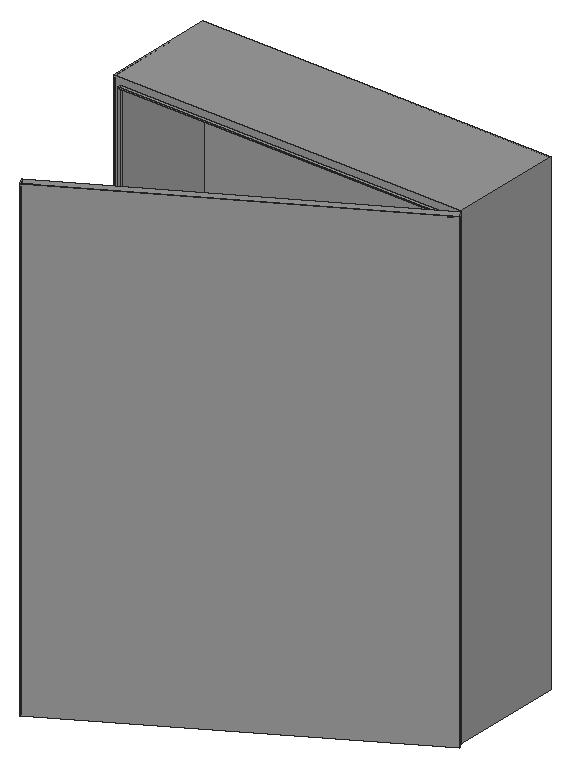
Revit family "Hager-Univers-IP55-D275-H1100-Cl.II-Steel_encl-NoHosted-BE-fr", category Electrical Equipment, Revit 2020
Family settings
  Panel Configuration = Two Columns, Circuits Across
  Round Connector Dimension = Use Diameter
  Part Type = Panelboard
  Work Plane-Based = Yes
  Always vertical = Yes
  Cut with Voids When Loaded = No
  Shared = No
  Room Calculation Point = No
Parameters (values of type "saillie IP55 L800 H1100 P275  - FR73S")
  Width Control [instance] = if([EF000008 - largeur] > Min Width, [EF000008 - largeur], Min Width)  # 800 mm
  Type Comments = [HG000003 - Gamme]  # "Univers"
  Thickness Door [instance] = if([EF009171 - épaisseur de matériau de la porte/du couvercle] > 3 mm, 3 mm, [EF009171 - épaisseur de matériau de la porte/du couvercle])  # 1.5 mm
  Seal Frame Offset [instance] = 17 mm  # constant formula
  Plinth Visibility [instance] = [HG000027 - Hauteur du socle] > 0 mm  # no
  Min Width [instance] = 100 mm  # constant formula
  Min Depth [instance] = (2 * [EF009170 - épaisseur de matériau du boîtier]) + 1 mm  # 4 mm
  Min Height [instance] = 100 mm  # constant formula
  Internal Frame Depth [instance] = (Door System Depth * 0.5)  # 9 mm
  Panel Name [instance] = ""  # (empty or 0)
  Model = ""
  HG000027 - Hauteur du socle = 0 mm
  HG000026 - Installation au sol = no
  HG000024 - Hauteur de la section basse = 600 mm
  HG000023 - Armoire double section = no
  HG000016 - Visibilité de la porte 3D [instance] = yes
  HG000015 - Visibilité de l'emprise de la porte [instance] = no
  HG000014 - Porte à droite [instance] = yes
  HG000013 - Porte à gauche [instance] = not([HG000014 - Porte à droite])  # no
  HG000012 - Angle de pivotement de la porte [instance] = 30.00°
  HG000010 - Portes asymétriques = no
  HG000009 - Porte à double battant = no
  HG000006 - Encastré = no
  HG000004 - Référence fabricant = "FR73S"
  HG000003 - Gamme = "Univers"
  HG000002 - avec porte = yes
  Frame Offset Bottom [instance] = 10 mm  # constant formula
  Frame Offset [instance] = 15 mm  # constant formula
  EF015940 - couvercle avec décharge de pression = no
  EF011959 - degré de protection (NEMA) = ""
  EF009554 - nombre d'ouvertures pour plaques à bride = 6
  EF009212 - finition du couvercle = "EV000116 - fermé"
  EF009171 - épaisseur de matériau de la porte/du couvercle = 1.5 mm
  EF009170 - épaisseur de matériau du boîtier = 1.5 mm
  EF008873 - courant nominal (In) = 800 A
  EF007800 - adapté à un parafoudre = no
  EF006306 - avec serrure = no
  EF006244 - couvercle/porte transparent(e) = no
  EF005474 - indice de protection (IP) = "EV006420 - IP55"
  EF004464 - type de porte = "EV002646 - unique"
  EF004427 - nombre de modules = 252
  EF004293 - indice de protection contre les chocs (IK) = "EV008784 - IK10"
  EF003532 - convient pour utilisation à l’extérieur = no
  EF002950 - largeur en nombre de modules = 24
  EF001613 - maintien de fonction = "EV000494 - sans"
  EF001596 - matériau du boîtier/corps = "EV000179 - acier"
  EF001131 - profondeur intérieure = 275 mm
  EF001088 - possibilité de montage en saillie = yes
  EF000437 - nombre d'entrées de conduit = 6
  EF000339 - type de capot = "EV004216 - porte"
  EF000266 - nombre de rangées = 7
  EF000218 - profondeur d'encastrement = 0 mm
  EF000118 - avec cadre/support de montage = no
  EF000116 - numéro RAL = "7035"
  EF000049 - profondeur = 275 mm
  EF000040 - hauteur = 1100 mm
  EF000008 - largeur = 800 mm
  EF000007 - couleur = "EV000270 - gris"
  EF000003 - mode de pose = "EV000384 - saillie"
  Door System Leaf Tolerance [instance] = 1.5 mm  # constant formula
  Door System Depth [instance] = 18 mm  # constant formula
  Door Height [instance] = Height Control - [HG000027 - Hauteur du socle]  # 1100 mm
  Description = ""
  Default Elevation = 1219.2 mm
  Connector Offset [instance] = Height Control / 2  # 550 mm
  Manufacturer = "Hager"  # constant formula
  Height Control [instance] = if([EF000040 - hauteur] > Min Height, [EF000040 - hauteur], Min Height)  # 1100 mm
  Depth Control [instance] = if([EF000049 - profondeur] > Min Depth, [EF000049 - profondeur], Min Depth)  # 275 mm
  Bottom Top Plate Trim [instance] = 1.5 mm  # constant formula
  Plinth height Ctrl [instance] = if([HG000027 - Hauteur du socle] > 0 mm, [HG000027 - Hauteur du socle], 12 mm)  # 12 mm
Types (5, lengths in mm): name | Width Control | HG000010 - Portes asymétriques | HG000009 - Porte à double battant | HG000004 - Référence fabricant | EF009554 - nombre d'ouvertures pour plaques à bride | EF004464 - type de porte | EF004427 - nombre de modules | EF000437 - nombre d'entrées de conduit | EF000008 - largeur
  saillie IP55 L1050 H1100 P275  - FR74S | 1050 | no | yes | "FR74S" | 8 | "EV003602 - double" | 336 | 8 | 1050
  saillie IP55 L1300 H1100 P275  - FR75S | 1300 | yes | yes | "FR75S" | 10 | "EV003602 - double" | 420 | 10 | 1300
  saillie IP55 L300 H1100 P275  - FR71S | 300 | no | no | "FR71S" | 2 | "EV002646 - unique" | 84 | 2 | 300
  saillie IP55 L550 H1100 P275  - FR72S | 550 | no | no | "FR72S" | 4 | "EV002646 - unique" | 168 | 4 | 550
  saillie IP55 L800 H1100 P275  - FR73S | 800 | no | no | "FR73S" | 6 | "EV002646 - unique" | 252 | 6 | 800
Reference planes
  plane 1 "Center (Front/Back)": y = 0
  plane 2: z = 0
  plane 3 "Center (Left/Right)": x = 0
  plane 4: y = 0
  plane 5: y = 0
  plane 6: z = 0
  plane 7: x = -400
  plane 8: x = 400
  plane 9: x = 398.5
  plane 10: x = -398.5
  plane 11: z = 0
  plane 12: z = 1.5
  plane 13: y = -275
  plane 14: y = -1.5
  plane 15: x = 0
  plane 16: y = -257
  plane 17: y = -273.5
  plane 18: y = -255.5
  plane 19: x = -383.5
  plane 20: x = 383.5
  plane 21: z = 11.5
  plane 22: x = -383
  plane 23: x = 383
  plane 24: z = 0
  plane 25: z = 1100
  plane 26: z = 1100
  plane 27: z = 1083.5
  plane 28: z = 1098.5
Forms (mm)
  Extrusion 1, solid, material "Hager_Steel_RAL7035_Light_Grey", detail levels medium+fine
    sketch origin (-208.679, -4572, 0) x (-1, 0, 0) y (0, -1, 0)
      loop
        line (191.321, -4315) -> (-608.679, -4315) -> (-608.679, -4572) -> (191.321, -4572) -> (191.321, -4315)
    from 0 to 1100
  Extrusion 2, void
    sketch origin (-350.771, -275, 1219.2) x (1, 0, 0) y (0, 0, 1)
      loop
        line (-47.729, -120.7) -> (-47.729, -1217.7) -> (749.271, -1217.7) -> (749.271, -120.7) -> (-47.729, -120.7)
    from -19.5 to -273.5
  Extrusion 3, void
    sketch origin (-290.084, -257, 1219.2) x (1, 0, 0) y (0, 0, 1)
      loop
        line (-93.416, -1207.7) -> (673.584, -1207.7) -> (673.584, -135.7) -> (-93.416, -135.7) -> (-93.416, -1207.7)
    from 0 to -1.5
  Extrusion 4, solid, material "Hager_Steel_RAL7035_Light_Grey", visible <- "Plinth Visibility", detail levels medium+fine
    sketch origin (0, 0, 0) x (1, 0, 0) y (0, 1, 0)
      loop
        line (-400, 0) -> (-400, -257) -> (400, -257) -> (400, 0) -> (-400, 0)
    from 0 to 12 <- "Plinth height Ctrl"
  Extrusion 5, solid, material "Hager_Steel_RAL7035_Light_Grey", detail levels coarse
    sketch origin (0, 0, 0) x (1, 0, 0) y (0, 1, 0)
      loop
        line (-400, 0) -> (-400, -275) -> (400, -275) -> (400, 0) -> (-400, 0)
    from 0 to 1100 <- "Height Control"
  Sweep 6, void
    path in 3D
      loop
        line (-400, -257, 12) -> (400, -257, 12) -> (400, 0, 12) -> (-400, 0, 12) -> (-400, -257, 12)
    profile origin (-400, -128.5, 12) x (1, 0, 0) y (0, 0, 1)
      loop
        line (0, 0) -> (0, -1.5) -> (1.5, -1.5)
        arc (1.5, -1.5) -> (1.061, -0.439) -> (0, 0) r 1.5
  Extrusion 7, solid, material "Hager_Steel_RAL7035_Light_Grey", detail levels fine
    sketch origin (-400, -257, 0) x (1, 0, 0) y (0, 0, 1)
      loop
        line (16.5, 11.5) -> (783.5, 11.5) -> (783.5, 1083.5) -> (16.5, 1083.5) -> (16.5, 11.5)
      loop
        line (15, 10) -> (785, 10) -> (785, 1085) -> (15, 1085) -> (15, 10)
    from 0 to 9 <- "Internal Frame Depth"
Cuts and joins
  Extrusion 2, Extrusion 3 cuts Extrusion 1
  Sweep 6 cuts Extrusion 4
Lines and regions (mm)
  Masking region 1
    outline origin (0, 0, 0) x (1, 0, 0) y (0, 1, 0)
      loop
        line (-400, 0) -> (-400, -275) -> (400, -275) -> (400, 0) -> (-400, 0)
  Masking region 2, detail levels coarse
    outline origin (-290.084, -257, 1219.2) x (-1, 0, 0) y (0, 0, 1)
      loop
        line (-690.084, -1219.2) -> (109.916, -1219.2) -> (109.916, -119.2) -> (-690.084, -119.2) -> (-690.084, -1219.2)
  Masking region 3, detail levels coarse
    outline origin (0, 0, 0) x (0, 1, 0) y (0, 0, 1)
      loop
        line (0, 0) -> (0, 1100) -> (-275, 1100) -> (-275, 0) -> (0, 0)
  Masking region 4, visible <- "Plinth Visibility", detail levels medium+fine
    outline origin (0, 0, 0) x (0, 1, 0) y (0, 0, 1)
      loop
        line (-1.5, 12) -> (-255.5, 12)
        arc (-255.5, 12) -> (-255.939, 10.939) -> (-257, 10.5) r 1.5
        line (-257, 10.5) -> (-257, 0) -> (0, 0) -> (0, 10.5)
        arc (0, 10.5) -> (-1.061, 10.939) -> (-1.5, 12) r 1.5
  Masking region 5, detail levels medium+fine
    outline origin (0, 0, 594.038) x (0, 1, 0) y (0, 0, 1)
      loop
        line (0, -594.038) -> (0, 505.962) -> (-257, 505.962) -> (-257, -594.038) -> (0, -594.038)
  Masking region 6, detail levels medium+fine
    outline origin (-359.7, -257, 1211.883) x (-1, 0, 0) y (0, 0, 1)
      loop
        line (-759.7, -1211.883) -> (40.3, -1211.883) -> (40.3, -111.883) -> (-759.7, -111.883) -> (-759.7, -1211.883)
  Masking region 7, visible <- "Plinth Visibility", detail levels medium+fine
    outline origin (-320.334, -257, 1041.368) x (-1, 0, 0) y (0, 0, 1)
      loop
        line (-720.334, -1041.368) -> (79.666, -1041.368) -> (79.666, -1030.868)
        arc (79.666, -1030.868) -> (78.606, -1030.429) -> (78.166, -1029.368) r 1.5
        line (78.166, -1029.368) -> (-718.834, -1029.368)
        arc (-718.834, -1029.368) -> (-719.273, -1030.429) -> (-720.334, -1030.868) r 1.5
        line (-720.334, -1030.868) -> (-720.334, -1041.368)
  sketch lines
    curve 1: line (-400, 0, 12) -> (-400, -257, 12)
    curve 2: line (-400, -257, 12) -> (400, -257, 12)
    curve 3: line (400, 0, 12) -> (-400, 0, 12)
    curve 4: line (400, -257, 12) -> (400, 0, 12)
Dimensions and locks
  locked: plane 1 "Center (Front/Back)" to plane 5
  "EF009170 - épaisseur de matériau du boîtier": plane 7 to plane 10
  "EF009170 - épaisseur de matériau du boîtier": plane 8 to plane 9
  equal spacing: plane 7, plane 3 "Center (Left/Right)", plane 8
  "Width Control": plane 7 to plane 8
  "Depth Control": plane 4 to plane 13
  "EF009170 - épaisseur de matériau du boîtier": plane 4 to plane 14
  "Height Control": plane 25 to level
  "HG000027 - Hauteur du socle": plane 11 to level
  "EF009170 - épaisseur de matériau du boîtier": plane 12 to plane 11
  "EF009170 - épaisseur de matériau du boîtier": plane 17 to plane 13
  "EF009170 - épaisseur de matériau du boîtier": plane 18 to plane 16
  "Frame Offset Bottom": plane 21 to plane 12
  "Frame Offset": plane 10 to plane 19
  "Frame Offset": plane 9 to plane 20
  "Door System Depth": plane 16 to plane 13
  "Seal Frame Offset": plane 7 to plane 22
  "Seal Frame Offset": plane 8 to plane 23
  "EF009170 - épaisseur de matériau du boîtier": plane 26 to plane 28
  "Frame Offset": plane 28 to plane 27
  "Connector Offset": plane 2 to connector elem
  "Bottom Top Plate Trim": profile plane to Sweep 6 sketch curve
  "Bottom Top Plate Trim": Sweep 6 sketch curve to Sweep 6 sketch curve
  "Plinth height Ctrl": Masking region 4 sketch curve to level
  "Plinth height Ctrl": Masking region 7 sketch curve to level
  "Thickness Door": Extrusion 7 sketch curve to Extrusion 7 sketch curve  (x4)
  "Bottom Top Plate Trim": radius of Sweep 6 sketch curve
  "Bottom Top Plate Trim": radius of Masking region 4 sketch curve  (x2)
  "Bottom Top Plate Trim": radius of Masking region 7 sketch curve  (x2)
  aligned and locked: Extrusion 2 sketch curve to plane 12
  aligned and locked: Extrusion 2 sketch curve to plane 9
  aligned and locked: Extrusion 2 sketch curve to plane 10
  aligned and locked: Extrusion 2 to plane 14
  aligned and locked: Extrusion 1 sketch curve to plane 4
  aligned and locked: plane 8 to Extrusion 1 sketch curve
  aligned and locked: plane 7 to Extrusion 1 sketch curve
  aligned and locked: Extrusion 2 to plane 18
  aligned and locked: Extrusion 3 sketch curve to plane 19
  aligned and locked: plane 20 to Extrusion 3 sketch curve
  aligned and locked: Extrusion 3 to Extrusion 2
  aligned and locked: Extrusion 3 sketch curve to plane 21
  aligned and locked: plane 3 "Center (Left/Right)" to nested 1
  aligned and locked: Extrusion 1 sketch curve to plane 16
  aligned and locked: Extrusion 4 sketch curve to cut or joined group of Extrusion 1, Extrusion 2, Extrusion 3
  aligned and locked: Masking region 1 sketch curve to plane 7
  aligned and locked: Masking region 1 sketch curve to plane 5
  aligned and locked: Masking region 1 sketch curve to plane 8
  aligned and locked: Masking region 2 sketch curve to level
  aligned and locked: level to Masking region 3 sketch curve
  aligned and locked: plane 1 "Center (Front/Back)" to Masking region 3 sketch curve
  aligned and locked: plane 13 to Masking region 3 sketch curve
  aligned and locked: plane 5 to Masking region 4 sketch curve
  aligned and locked: Masking region 2 sketch curve to plane 8
  aligned and locked: Masking region 2 sketch curve to plane 7
  aligned and locked: plane 7 to nested 2
  aligned and locked: nested 2 to plane 5
  aligned and locked: plane 5 to Masking region 5 sketch curve
  aligned and locked: plane 26 to Masking region 5 sketch curve
  aligned and locked: Extrusion 5 sketch curve to plane 8
  aligned and locked: Extrusion 5 sketch curve to plane 7
  aligned and locked: Extrusion 5 sketch curve to plane 5
  aligned and locked: Extrusion 3 sketch curve to plane 27
  aligned and locked: Extrusion 2 sketch curve to plane 28
  aligned and locked: Masking region 2 to plane 25
  aligned and locked: Extrusion 4 to plane 16
  aligned and locked: profile plane to Sweep 6 sketch curve
  aligned and locked: Masking region 5 sketch curve to plane 24
  aligned and locked: level to Masking region 4 sketch curve
  aligned and locked: Masking region 1 to plane 13
  aligned and locked: nested 1 to plane 16
  aligned and locked: Masking region 3 to plane 25
  aligned and locked: plane 16 to Masking region 4 sketch curve
  aligned and locked: Masking region 5 sketch curve to plane 16
  aligned and locked: plane 24 to plane 11
  aligned and locked: plane 26 to plane 25
  aligned and locked: plane 26 to cut or joined group of Extrusion 1, Extrusion 2, Extrusion 3
  aligned and locked: nested 1 to plane 24
  aligned and locked: Extrusion 1 to Extrusion 3
  aligned and locked: Masking region 6 sketch curve to plane 8
  aligned and locked: Masking region 6 sketch curve to plane 24
  aligned and locked: Masking region 6 sketch curve to plane 7
  aligned and locked: Masking region 6 sketch curve to plane 26
  aligned and locked: Masking region 7 sketch curve to plane 7
  aligned and locked: level to Masking region 7 sketch curve
  aligned and locked: Masking region 7 sketch curve to plane 8
  aligned and locked: Extrusion 7 sketch curve to cut or joined group of Extrusion 1, Extrusion 2, Extrusion 3  (x4)
Automatic sketch dimensions
  plane 19 to Extrusion 3 sketch curve = 0 mm
  Extrusion 3 sketch curve to plane 20 = 0 mm
  Extrusion 3 sketch curve to plane 21 = 0 mm
  Extrusion 4 sketch curve to plane 7 = 0 mm
  Extrusion 4 sketch curve to plane 8 = 0 mm
  Extrusion 4 sketch curve to plane 16 = 0 mm
  Masking region 1 sketch curve to plane 13 = 0 mm
  Masking region 2 sketch curve to plane 25 = 0 mm
  Masking region 3 sketch curve to plane 25 = 0 mm
  Extrusion 5 sketch curve to plane 13 = 0 mm
  profile plane to Sweep 6 sketch curve = 0 mm
Nested families
  nested 1: "EC000058_Univers_Door" at (0, -257, 0), Double <- "HG000009 - Porte à double battant", Transparent <- "EF006244 - couvercle/porte transparent(e)", Angle <- "HG000012 - Angle de pivotement de la porte", Door_Right <- "HG000014 - Porte à droite", Assymetrical <- "HG000010 - Portes asymétriques", Door <- "HG000002 - avec porte", Width_Ctrl <- "Width Control", 3d_Door <- "HG000016 - Visibilité de la porte 3D", Clearance <- "HG000015 - Visibilité de l'emprise de la porte", Door_Left <- "HG000013 - Porte à gauche", Width <- "Width Control", Door_Depth <- "Door System Depth", Leaf_Tolerance <- "Door System Leaf Tolerance", Height <- "Door Height", Lock_Visibility <- "EF006306 - avec serrure", Thickness <- "Thickness Door", type "EC000058_Univers_Door", detail levels medium+fine
    with min_wh 4 mm, Width_Ctrl 800 mm, Width 800 mm, Transparent no, Thickness 1.5 mm, Seal_Material Hager_Rubber, Lock_Visibility no, Lock_Material Hager_Plastic_RAL9005_Jet_Black, Leaf_Width 800 mm, Leaf_Tolerance_External_Sides 0 mm, Leaf_Tolerance 1.5 mm, Leaf_Offset 0 mm, Leaf_Height 1097 mm, Leaf_2_Width 800 mm, Leaf_2_Offset 400 mm, Leaf_1_Width 800 mm, Leaf_1_Offset 400 mm, Height_Ctrl 1100 mm, Height 1100 mm, Glass_Material Hager_Glass, Double_Clearance_Ctrl no, Double no, Door_Right_Ctrl yes, Door_Right yes, Door_Material Hager_Steel_RAL7035_Light_Grey, Door_Left_Ctrl no, Door_Left no, Door_Depth 18 mm, Door yes, Clearance_Material Hager_Clearance, Clearance_Depth 800 mm, Clearance_Ctrl no, Clearance no, Assymetrical no, Angle 30.00°, 3d_Door yes
  nested 2: "Hager_Enclosure_Symbol" at (-400, 0, 0), Height <- "Depth Control", Width <- "Width Control", type "Hager_Enclosure_Symbol"
    with Width_Ctrl 800 mm, Width 800 mm, Height_Ctrl 275 mm, Height 275 mm, A_Width_Int 18.047 mm, A_Width 216.562 mm, A_Height_Ctrl 240.625 mm, A_Height 240.625 mm
Connectors
  electrical at (0, 0, 550)
    settings: on plane 1 "Center (Front/Back)", index 1, voltage 0 V, apparent load 0 VA, apparent load phase1 0 VA, apparent load phase2 0 VA, apparent load phase3 0 VA, power factor 1, load classification "Other", number of poles 1, system type 30, power factor state 1, is connector primary yes, connector utility no, sub classification motor no, connector description ""
Definition of nested family "EC000058_Univers_Door"
  Parameters (values of type "EC000058_Univers_Door")
    min_wh [instance] = (2 * Thickness) + 1 mm  # 11 mm
    Width_Ctrl [instance] = 400 mm
    Width [instance] = 500 mm
    Transparent [instance] = yes
    Thickness [instance] = 5 mm
    Seal_Material [instance] = none
    Lock_Visibility [instance] = yes
    Lock_Material [instance] = none
    Leaf_Width [instance] = if((Width_Ctrl - 2 * Leaf_Tolerance_External_Sides) > 0 mm, (Width_Ctrl - 2 * Leaf_Tolerance_External_Sides), min_wh)  # 400 mm
    Leaf_Tolerance_External_Sides [instance] = 0 mm  # constant formula
    Leaf_Tolerance [instance] = 1.5 mm
    Leaf_Offset [instance] = 0 mm  # constant formula
    Leaf_Height [instance] = if((Height_Ctrl - 2 * Leaf_Tolerance) > 0 mm, (Height_Ctrl - 2 * Leaf_Tolerance), min_wh)  # 497 mm
    Leaf_2_Width [instance] = if(and(and(Double, Assymetrical), Door_Left), (Leaf_Width / 3) - (Leaf_Tolerance / 2), if(and(and(Double, Assymetrical), Door_Right), (Leaf_Width / 3) * 2 - (Leaf_Tolerance / 2), if(and(Double, not(Assymetrical)), (Leaf_Width / 2) - Leaf_Tolerance, Leaf_Width)))  # 400 mm
    Leaf_2_Offset [instance] = if(and(Double, Assymetrical), Leaf_2_Width / 2, if(and(Double, not(Assymetrical)), Leaf_Width / 4, Leaf_Width / 2))  # 200 mm
    Leaf_1_Width [instance] = if(and(and(Double, Assymetrical), Door_Right), (Leaf_Width / 3) - (Leaf_Tolerance / 2), if(and(and(Double, Assymetrical), Door_Left), (Width / 3) * 2 - (Leaf_Tolerance / 2), if(and(Double, not(Assymetrical)), (Leaf_Width / 2) - Leaf_Tolerance, Leaf_Width)))  # 400 mm
    Leaf_1_Offset [instance] = if(and(Double, Assymetrical), Leaf_1_Width / 2, if(and(Double, not(Assymetrical)), Leaf_Width / 4, Leaf_Width / 2))  # 200 mm
    Height_Ctrl [instance] = if(Height > min_wh, Height, min_wh)  # 500 mm
    Height [instance] = 500 mm
    Glass_Material [instance] = none
    Double_Clearance_Ctrl [instance] = and(Double, Clearance)  # no
    Double [instance] = no
    Door_Right_Ctrl [instance] = and(or(Door_Right, Double), Door)  # yes
    Door_Right [instance] = yes
    Door_Material [instance] = none
    Door_Left_Ctrl [instance] = and(or(Door_Left, Double), Door)  # no
    Door_Left [instance] = no
    Door_Depth [instance] = 30 mm
    Door [instance] = yes
    Default Elevation = 1219.2 mm
    Clearance_Material [instance] = none
    Clearance_Depth [instance] = if(Leaf_1_Width > Leaf_2_Width, Leaf_1_Width, Leaf_2_Width)  # 400 mm
    Clearance_Ctrl [instance] = and(not(Double), Clearance)  # yes
    Clearance [instance] = yes
    Assymetrical [instance] = yes
    Angle [instance] = 30.00°
    3d_Door [instance] = yes
  Reference planes
    plane 1 "Center (Front/Back)": y = 0
    plane 2 "Bottom": z = 0
    plane 3 "Center (Left/Right)": x = 0
    plane 4: z = 500
    plane 5: x = -200
    plane 6: x = 200
    plane 7: z = 500
    plane 8: x = -200
    plane 9: z = 0
    plane 10: x = 200
    plane 11: y = 0
    plane 12: z = 1.5
    plane 13: x = -600
    plane 14: y = -400
    plane 15: x = 600
    plane 16: x = 0
    plane 17: x = 0
    plane 18: x = -200
    plane 19: x = 200
    plane 20: z = 498.5
  Forms (mm)
    Extrusion 1, solid, material <- "Clearance_Material", visible <- "Double_Clearance_Ctrl"
      sketch origin (1200, 0, 0) x (1, 0, 0) y (0, 0, -1)
        loop
          line (-1800, -498.5) -> (-600, -498.5) -> (-600, 0) -> (-1800, 0) -> (-1800, -498.5)
      from 0 to -400
  Dimensions and locks
    equal spacing: plane 5, plane 3 "Center (Left/Right)", plane 6
    "Width_Ctrl": plane 5 to plane 6
    "Leaf_Offset": plane 5 to plane 8
    "Leaf_Offset": plane 6 to plane 10
    "Leaf_Offset": plane 9 to level
    "Leaf_Offset": plane 4 to plane 7
    "Height_Ctrl": plane 4 to level
    "Leaf_Tolerance": plane 12 to plane 9
    locked: plane 11 to plane 1 "Center (Front/Back)"
    "Leaf_1_Offset": plane 18 to plane 16
    "Leaf_2_Offset": plane 17 to plane 19
    "Leaf_1_Width": plane 13 to plane 8
    "Leaf_2_Width": plane 10 to plane 15
    "Clearance_Depth": plane 14 to plane 1 "Center (Front/Back)"
    "Leaf_Tolerance_External_Sides": plane 8 to plane 18
    "Leaf_Tolerance_External_Sides": plane 19 to plane 10
    "Leaf_Tolerance": plane 7 to plane 20
    aligned and locked: level to plane 2 "Bottom"
    aligned and locked: nested 1 to plane 16
    aligned and locked: nested 2 to plane 17
    aligned and locked: Extrusion 1 to plane 13
    aligned and locked: plane 15 to Extrusion 1
    aligned and locked: Extrusion 1 to plane 14
    aligned and locked: plane 12 to nested 1
    aligned and locked: nested 2 to plane 12
    aligned and locked: Extrusion 1 to plane 11
    aligned and locked: plane 20 to Extrusion 1
    aligned and locked: nested 2 to plane 11
    aligned and locked: nested 1 to plane 11
  Automatic sketch dimensions
    Extrusion 1 sketch curve to level = 0 mm
    plane 5 to Extrusion 1 sketch curve = 400 mm
    plane 6 to Extrusion 1 sketch curve = 400 mm
    Extrusion 1 sketch curve to plane 4 = 1.5 mm
  Nested families
    nested 1: "EC000058_Univers_Door_Leaf" at (0, 0, 1.5), Width <- "Leaf_1_Width", visible <- "Door_Left_Ctrl", Leaf_Height <- "Leaf_Height", Angle <- "Angle", 3d_Door <- "3d_Door", Transparent <- "Transparent", Clearance Material <- "Clearance_Material", Clearance <- "Clearance_Ctrl", Door_Material <- "Door_Material", Glass_Material <- "Glass_Material", Door_Depth <- "Door_Depth", Lock_Material <- "Lock_Material", Seal_Material <- "Seal_Material", Lock_Visibility <- "Lock_Visibility", Thickness <- "Thickness", type "EC000058_Univers_Door_Leaf"
      with Width 400 mm, Transparent_Glass_Offset 30 mm, Transparent_Ctrl yes, Transparent yes, Thickness 5 mm, Standard no, Seal_Material none, Seal_D2 8 mm, Seal_D1 1 mm, Offset_Internal_Frame 10 mm, Lock_Width 20 mm, Lock_Visibility_3d yes, Lock_Visibility yes, Lock_Thickness_3 3 mm, Lock_Thickness_2 1 mm, Lock_Thickness_1 3 mm, Lock_Radius_Offset_2 16 mm, Lock_Radius_Offset_1 15 mm, Lock_Radius_2 5 mm, Lock_Radius 6 mm, Lock_Offset 5 mm, Lock_Material none, Lock_Height 80 mm, Lock_Cover_Top_Offset_2d 17 mm, Lock_Cover_Height -65 mm, Leaf_Height 497 mm, Internal_Seal_Thickness 8 mm, Internal_Seal_Depth_2 4.5 mm, Internal_Frame_Depth 25 mm, Glass_Thickness -1 mm, Glass_Offset -2 mm, Glass_Material none, Door_Material none, Door_Depth 30 mm, Clearance Material none, Clearance yes, Angle_Ctrl 30.00°, Angle 30.00°, 3d_Door yes
    nested 2: "EC000058_Univers_Door_Leaf" at (0, 0, 1.5) x (-1, 0, 0) z (0, 0, 1), Width <- "Leaf_2_Width", visible <- "Door_Right_Ctrl", Leaf_Height <- "Leaf_Height", Angle <- "Angle", 3d_Door <- "3d_Door", Transparent <- "Transparent", Clearance Material <- "Clearance_Material", Clearance <- "Clearance_Ctrl", Door_Material <- "Door_Material", Glass_Material <- "Glass_Material", Door_Depth <- "Door_Depth", Lock_Material <- "Lock_Material", Seal_Material <- "Seal_Material", Lock_Visibility <- "Lock_Visibility", Thickness <- "Thickness", type "EC000058_Univers_Door_Leaf"
      with Width 400 mm, Transparent_Glass_Offset 30 mm, Transparent_Ctrl yes, Transparent yes, Thickness 5 mm, Standard no, Seal_Material none, Seal_D2 8 mm, Seal_D1 1 mm, Offset_Internal_Frame 10 mm, Lock_Width 20 mm, Lock_Visibility_3d yes, Lock_Visibility yes, Lock_Thickness_3 3 mm, Lock_Thickness_2 1 mm, Lock_Thickness_1 3 mm, Lock_Radius_Offset_2 16 mm, Lock_Radius_Offset_1 15 mm, Lock_Radius_2 5 mm, Lock_Radius 6 mm, Lock_Offset 5 mm, Lock_Material none, Lock_Height 80 mm, Lock_Cover_Top_Offset_2d 17 mm, Lock_Cover_Height -65 mm, Leaf_Height 497 mm, Internal_Seal_Thickness 8 mm, Internal_Seal_Depth_2 4.5 mm, Internal_Frame_Depth 25 mm, Glass_Thickness -1 mm, Glass_Offset -2 mm, Glass_Material none, Door_Material none, Door_Depth 30 mm, Clearance Material none, Clearance yes, Angle_Ctrl 30.00°, Angle 30.00°, 3d_Door yes
  Definition of nested family "EC000058_Univers_Door_Leaf"
    Parameters (values of type "EC000058_Univers_Door_Leaf")
      Width [instance] = 2000 mm
      Transparent_Glass_Offset [instance] = 30 mm
      Transparent_Ctrl [instance] = and(Transparent, [3d_Door])  # yes
      Transparent [instance] = yes
      Thickness [instance] = 5 mm
      Standard [instance] = and(not(Transparent), [3d_Door])  # no
      Seal_Material [instance] = none
      Seal_D2 [instance] = 8 mm  # constant formula
      Seal_D1 [instance] = 1 mm  # constant formula
      Offset_Internal_Frame [instance] = 10 mm  # constant formula
      Lock_Width [instance] = 20 mm  # constant formula
      Lock_Visibility_3d [instance] = and(Lock_Visibility, [3d_Door])  # yes
      Lock_Visibility [instance] = yes
      Lock_Thickness_3 [instance] = 3 mm  # constant formula
      Lock_Thickness_2 [instance] = 1 mm  # constant formula
      Lock_Thickness_1 [instance] = 3 mm  # constant formula
      Lock_Radius_Offset_2 [instance] = Lock_Radius_Offset_1 + 1 mm  # 16 mm
      Lock_Radius_Offset_1 [instance] = 15 mm  # constant formula
      Lock_Radius_2 [instance] = Lock_Radius - 1 mm  # 5 mm
      Lock_Radius [instance] = 6 mm  # constant formula
      Lock_Offset [instance] = 5 mm  # constant formula
      Lock_Material [instance] = none
      Lock_Height [instance] = 80 mm  # constant formula
      Lock_Cover_Top_Offset_2d [instance] = Lock_Radius_Offset_2 + 1 mm  # 17 mm
      Lock_Cover_Height [instance] = -(Lock_Height - Lock_Radius_Offset_1)  # -65 mm
      Leaf_Height [instance] = 2720.336 mm
      Internal_Seal_Thickness [instance] = 8 mm  # constant formula
      Internal_Seal_Depth_2 [instance] = 4.5 mm  # constant formula
      Internal_Frame_Depth [instance] = if(Door_Depth - Thickness > 5 mm, Door_Depth - Thickness, 5 mm)  # 25 mm
      Glass_Thickness [instance] = if(Thickness > 15 mm, Glass_Offset + 10 mm, -1 mm)  # -1 mm
      Glass_Offset [instance] = if(Thickness > 15 mm, -(Thickness + 10 mm) / 2, -2 mm)  # -2 mm
      Glass_Material [instance] = none
      Door_Material [instance] = none
      Door_Depth [instance] = 30 mm
      Default Elevation = 0 mm
      Clearance Material [instance] = none
      Clearance [instance] = yes
      Angle_Ctrl [instance] = if(Angle > 180.00°, 180.00°, Angle)  # 90.00°
      Angle [instance] = 90.00°
      3d_Door [instance] = yes
    Reference planes
      plane 1 "Center (Front/Back)": y = 0
      plane 2: z = 0
      plane 3 "Center (Left/Right)": x = 0
      plane 4: y = 2000
      plane 5: x = -1000
      plane 6: x = 1000
      plane 7: x = -3000
      plane 8: z = 2720.336
      plane 9: z = 30
      plane 10: z = 2690.336
      plane 11: x = 970
      plane 12: x = -970
      plane 13: y = -3
      plane 14: z = 107.833
      plane 15: y = -5
      plane 16: y = -223.314
      plane 17: x = -1000
      plane 18: z = 1360.168
      plane 19: y = 30
    Forms (mm)
      Extrusion 1, solid, material <- "Clearance Material", visible <- "Clearance"
        sketch origin (0, 0, 0) x (1, 0, 0) y (0, 0, 1)
          loop
            line (-3000, 2720.336) -> (-3000, 0) -> (1000, 0) -> (1000, 2720.336) -> (-3000, 2720.336)
        from 0 to -2000
      Extrusion 2, solid, material <- "Door_Material", visible <- "Standard", detail levels medium+fine
        sketch origin (-1000, 0, 0) x (0, 1, 0) y (-1, 0, 0)
          loop
            line (0, 30) -> (0, 25) -> (2000, 25) -> (2000, 30) -> (0, 30)
        from 0 to 2720.336 <- "Leaf_Height"
      Extrusion 3, solid, material <- "Door_Material", visible <- "Transparent_Ctrl", detail levels medium+fine
        sketch origin (-1000, 0, 0) x (0, 1, 0) y (-1, 0, 0)
          loop
            line (0, 25) -> (2000, 25) -> (2000, 30) -> (0, 30) -> (0, 25)
        from 0 to 2720.336 <- "Leaf_Height"
      Extrusion 4, void
        sketch origin (-1025, 2000, 0) x (0, 1, 0) y (0, 0, -1)
          loop
            line (-30, -2690.336) -> (-30, -30) -> (-1970, -30) -> (-1970, -2690.336) -> (-30, -2690.336)
        from 0 to 5 <- "Thickness"
      Sweep 5, solid, material <- "Seal_Material", visible <- "Transparent_Ctrl", detail levels fine
        path in 3D
          loop
            line (-1025, 30, 30) -> (-1025, 30, 2690.336) -> (-1025, 1970, 2690.336) -> (-1025, 1970, 30) -> (-1025, 30, 30)
        profile origin (-1025, 1000, 30) x (1, 0, 0) y (0, 0, 1)
          loop
            line (0, 0) -> (0, -8) -> (1, -8) -> (1, 0) -> (0, 0)
      Extrusion 6, solid, material <- "Glass_Material", visible <- "Transparent_Ctrl", detail levels medium+fine
        sketch origin (-1030, 0, 0) x (0, 1, 0) y (0, 0, -1)
          loop
            line (1970, -2690.336) -> (1970, -30) -> (30, -30) -> (30, -2690.336) -> (1970, -2690.336)
        from -2 <- "Glass_Offset" to -1 <- "Glass_Thickness"
      Extrusion 7, solid, material <- "Door_Material", visible <- "3d_Door", detail levels medium+fine
        sketch origin (-1025, 2000, 0) x (0, -1, 0) y (0, 0, -1)
          loop
            line (0, -2720.336) -> (2000, -2720.336) -> (2000, 0) -> (0, 0) -> (0, -2720.336)
          loop
            line (1995, -5) -> (5, -5) -> (5, -2715.336) -> (1995, -2715.336) -> (1995, -5)
        from 0 to 25 <- "Internal_Frame_Depth"
      Sweep 8, solid, material <- "Seal_Material", visible <- "Transparent_Ctrl", detail levels fine
        path in 3D
          loop
            line (-1025, 0, 0) -> (-1025, 2000, 0) -> (-1025, 2000, 2720.336) -> (-1025, 0, 2720.336) -> (-1025, 0, 0)
        profile origin (-1025, 0, 1360.168) x (1, 0, 0) y (0, 1, 0)
          loop
            line (0, 10) -> (2.975, 10)
            arc (2.975, 10) -> (4.053, 10.447) -> (4.5, 11.525) r 1.525
            line (4.5, 11.525) -> (4.5, 16.527)
            arc (4.5, 16.527) -> (4.069, 17.569) -> (3.027, 18) r 1.473
            line (3.027, 18) -> (0, 18) -> (0, 10)
      Extrusion 9, solid, material <- "Lock_Material", visible <- "Lock_Visibility_3d", detail levels fine
        sketch origin (-1030, 0, 0) x (0, 1, 0) y (0, 0, -1)
          loop
            arc (1993.5, -1400.168) -> (1994.561, -1399.729) -> (1995, -1398.668) r 1.5
            line (1995, -1398.668) -> (1995, -1320.168) -> (1975, -1320.168) -> (1975, -1398.668)
            arc (1975, -1398.668) -> (1975.439, -1399.729) -> (1976.5, -1400.168) r 1.5
            line (1976.5, -1400.168) -> (1993.5, -1400.168)
        from 3 <- "Lock_Thickness_1" to 0
      Blend 10, solid, material <- "Lock_Material", visible <- "Lock_Visibility_3d", detail levels fine
        base sketch origin (-1033, 0, 0) x (0, 1, 0) y (0, 0, -1)
          loop
            line (1975, -1320.168) -> (1975, -1398.668)
            arc (1975, -1398.668) -> (1975.439, -1399.729) -> (1976.5, -1400.168) r 1.5
            line (1976.5, -1400.168) -> (1993.5, -1400.168)
            arc (1993.5, -1400.168) -> (1994.561, -1399.729) -> (1995, -1398.668) r 1.5
            line (1995, -1398.668) -> (1995, -1320.168) -> (1975, -1320.168)
        top sketch origin (-1033, 0, 0) x (0, 1, 0) y (0, 0, -1)
          loop
            line (1976, -1320.168) -> (1976, -1398.668)
            arc (1976, -1398.668) -> (1976.146, -1399.022) -> (1976.5, -1399.168) r 0.5
            line (1976.5, -1399.168) -> (1993.5, -1399.168)
            arc (1993.5, -1399.168) -> (1993.854, -1399.022) -> (1994, -1398.668) r 0.5
            line (1994, -1398.668) -> (1994, -1320.168) -> (1976, -1320.168)
        from 0 to 1 <- "Lock_Thickness_2"
      Blend 11, solid, material <- "Lock_Material", visible <- "Lock_Visibility_3d", detail levels fine
        base sketch origin (-1034, 0, 0) x (0, 1, 0) y (0, 0, -1)
          loop
            line (1978, -1320.168) -> (1978, -1384.168)
            arc (1978, -1384.168) -> (1985, -1391.168) -> (1992, -1384.168) r 7
            line (1992, -1384.168) -> (1992, -1320.168) -> (1978, -1320.168)
        top sketch origin (-1034, 0, 0) x (0, 1, 0) y (0, 0, -1)
          loop
            line (1991, -1320.168) -> (1979, -1320.168) -> (1979, -1383.168)
            arc (1979, -1383.168) -> (1985, -1389.168) -> (1991, -1383.168) r 6
            line (1991, -1383.168) -> (1991, -1320.168)
        from 0 to 3 <- "Lock_Thickness_3"
      Extrusion 12, solid, material <- "Lock_Material", visible <- "Lock_Visibility_3d", detail levels fine
        sketch origin (-1030, 1975, 1320.168) x (1, 0, 0) y (0, -1, 0)
          loop
            line (-7, -19) -> (-7, -1) -> (0, -1) -> (0, 0) -> (-8, 0) -> (-8, -20) -> (0, -20) -> (0, -19) -> (-7, -19)
        from 0 to -65 <- "Lock_Cover_Height"
      Extrusion 13, void
        sketch origin (-1038, 1995, 1320.168) x (-1, 0, 0) y (0, 0, -1)
          loop
            line (-5, -65) -> (0, -65) -> (-5, -60) -> (-5, -65)
        from 0 to 20 <- "Lock_Width"
      Extrusion 14, void
        sketch origin (-1038, 1975, 1320.168) x (0, -1, 0) y (0, 0, -1)
          loop
            circle (-10, -15.995) r 6
          loop
            circle (-10, -15.995) r 5
        from 0 to 2
      Extrusion 15, solid, material <- "Lock_Material", visible <- "Lock_Visibility_3d", detail levels medium
        sketch origin (-1030, 0, 0) x (0, 1, 0) y (0, 0, -1)
          loop
            arc (1993.5, -1400.168) -> (1994.561, -1399.729) -> (1995, -1398.668) r 1.5
            line (1995, -1398.668) -> (1995, -1320.168) -> (1975, -1320.168) -> (1975, -1398.668)
            arc (1975, -1398.668) -> (1975.439, -1399.729) -> (1976.5, -1400.168) r 1.5
            line (1976.5, -1400.168) -> (1993.5, -1400.168)
        from 8 to 0
    Cuts and joins
      Extrusion 4 cuts Extrusion 3
      Extrusion 13, Extrusion 14 cuts Extrusion 9
      Extrusion 14 cuts Blend 11
      Extrusion 13, Extrusion 14 cuts Extrusion 12
      joined: Extrusion 9, Blend 10, Blend 11, Extrusion 12
      Extrusion 14 cuts Extrusion 15
    Lines and regions (mm)
      Masking region 1, visible <- "Lock_Visibility", detail levels fine
        outline origin (0, 0, 0) x (0, 1, 0) y (0, 0, 1)
          loop
            line (30, 1320.168) -> (33, 1320.168) -> (33, 1400.168) -> (30, 1400.168) -> (30, 1320.168)
      Masking region 2, visible <- "Lock_Visibility", detail levels fine
        outline origin (0, 3.143, 0) x (0, 1, 0) y (0, 0, 1)
          loop
            line (29.857, 1354.168) -> (30.857, 1354.168) -> (30.857, 1366.168) -> (29.857, 1366.168) -> (29.857, 1354.168)
      Masking region 3, detail levels medium+fine
        outline origin (0, 0, 0) x (0, 1, 0) y (0, 0, 1)
          loop
            line (0, 0) -> (30, 0) -> (30, 2720.336) -> (0, 2720.336) -> (0, 0)
      Masking region 4, detail levels medium+fine
        outline origin (0, 0, 0) x (1, 0, 0) y (0, 0, 1)
          loop
            line (-1000, 2720.336) -> (-1000, 0) -> (1000, 0) -> (1000, 2720.336) -> (-1000, 2720.336)
      Masking region 5, visible <- "Lock_Visibility", detail levels fine
        outline origin (-47.116, 0, 0) x (1, 0, 0) y (0, 0, 1)
          loop
            arc (1024.616, 1399.168) -> (1023.556, 1398.729) -> (1023.116, 1397.668) r 1.5
            line (1023.116, 1397.668) -> (1023.116, 1320.168) -> (1041.116, 1320.168) -> (1041.116, 1397.668)
            arc (1041.116, 1397.668) -> (1040.677, 1398.729) -> (1039.616, 1399.168) r 1.5
            line (1039.616, 1399.168) -> (1024.616, 1399.168)
      Masking region 6, visible <- "Lock_Visibility", detail levels medium+fine
        outline origin (-25, 0, 0) x (1, 0, 0) y (0, 0, 1)
          loop
            arc (1001.5, 1400.168) -> (1000.439, 1399.729) -> (1000, 1398.668) r 1.5
            line (1000, 1398.668) -> (1000, 1320.168) -> (1020, 1320.168) -> (1020, 1398.668)
            arc (1020, 1398.668) -> (1019.561, 1399.729) -> (1018.5, 1400.168) r 1.5
            line (1018.5, 1400.168) -> (1001.5, 1400.168)
      Masking region 7, visible <- "Lock_Visibility", detail levels fine
        outline origin (-73.735, 0, 0) x (1, 0, 0) y (0, 0, 1)
          loop
            line (1051.735, 1382.168) -> (1065.735, 1382.168) -> (1065.735, 1384.168)
            arc (1065.735, 1384.168) -> (1058.735, 1391.168) -> (1051.735, 1384.168) r 7
            line (1051.735, 1384.168) -> (1051.735, 1382.168)
      Masking region 8, visible <- "Lock_Visibility", detail levels fine
        outline origin (-73.735, 0, 0) x (1, 0, 0) y (0, 0, 1)
          loop
            line (1052.735, 1382.168) -> (1064.735, 1382.168) -> (1064.735, 1383.168)
            arc (1064.735, 1383.168) -> (1058.735, 1389.168) -> (1052.735, 1383.168) r 6
            line (1052.735, 1383.168) -> (1052.735, 1382.168)
      Masking region 9, visible <- "Lock_Visibility", detail levels fine
        outline origin (-25, 0, 0) x (1, 0, 0) y (0, 0, 1)
          loop
            line (1020, 1320.168) -> (1020, 1382.168) -> (1000, 1382.168) -> (1000, 1320.168) -> (1020, 1320.168)
      Masking region 10, detail levels medium+fine
        outline origin (0, 0, 0) x (1, 0, 0) y (0, 0, 1)
          loop
            circle (985, 1335.144) r 6
      Masking region 11, detail levels fine
        outline origin (0, 0, 0) x (1, 0, 0) y (0, 0, 1)
          loop
            circle (985, 1335.144) r 5
      Masking region 12, visible <- "Lock_Visibility", detail levels fine
        outline origin (0, 12.767, 0) x (0, 1, 0) y (0, 0, 1)
          loop
            line (20.233, 1320.168) -> (21.233, 1320.168) -> (21.233, 1399.168) -> (20.233, 1400.168) -> (20.233, 1320.168)
      Masking region 13, visible <- "Lock_Visibility", detail levels fine
        outline origin (0, 13.767, -10) x (0, 1, 0) y (0, 0, 1)
          loop
            line (20.233, 1330.168) -> (23.233, 1330.168) -> (23.233, 1399.168) -> (20.233, 1402.168) -> (20.233, 1330.168)
      Masking region 14, visible <- "Lock_Visibility", detail levels fine
        outline origin (0, 12.767, -10) x (0, 1, 0) y (0, 0, 1)
          loop
            line (20.233, 1330.168) -> (25.233, 1330.168) -> (25.233, 1399.305) -> (20.233, 1394.305) -> (20.233, 1330.168)
      Masking region 15, visible <- "Lock_Visibility", detail levels medium
        outline origin (0, 0, 0) x (0, 1, 0) y (0, 0, 1)
          loop
            line (30, 1320.168) -> (38, 1320.168) -> (38, 1400.168) -> (30, 1400.168) -> (30, 1320.168)
      Masking region 16, visible <- "Lock_Visibility", detail levels fine
        outline origin (-1000, 0, 0) x (0, 1, 0) y (-1, 0, 0)
          loop
            line (1975, 30) -> (1995, 30) -> (1995, 38) -> (1975, 38) -> (1975, 30)
          loop
            line (1979, 37) -> (1976, 37) -> (1976, 34) -> (1978, 34) -> (1979, 37)
          loop
            line (1994, 37) -> (1991, 37) -> (1992, 34) -> (1994, 34) -> (1994, 37)
      Masking region 17, visible <- "Lock_Visibility", detail levels medium
        outline origin (-1000, 0, 0) x (0, 1, 0) y (-1, 0, 0)
          loop
            line (1975, 30) -> (1995, 30) -> (1995, 38) -> (1975, 38) -> (1975, 30)
      symbolic lines
        curve 1: line (1000, 0, 0) -> (-3000, 0, 0)
        curve 2: arc (1000, 0, 0) -> (-1000, 2000, 0) -> (-3000, 0, 0) r 2000
        curve 4: line (-1030, 0, 0) -> (-1030, 2000, 0)
      reference lines
        curve 3: line (-1000, 0, 0) -> (-1000, 2000, 0)
      symbolic lines, detail levels medium+fine
        curve 5: line (-1030, 2000, 0) -> (-1025, 2000, 0)
        curve 7: line (-1025, 0, 0) -> (-1030, 0, 0)
        curve 8: line (-1025, 0, 0) -> (-1000, 0, 0)
        curve 9: line (-1000, 0, 0) -> (-1000, 2000, 0)
        curve 10: line (-1000, 2000, 0) -> (-1025, 2000, 0)
      symbolic lines, detail levels fine
        curve 6: line (-1025, 2000, 0) -> (-1025, 0, 0)
      sketch lines
        curve 11: line (-1025, 0, 2720.336) -> (-1025, 0, 0)
        curve 12: line (-1025, 2000, 0) -> (-1025, 0, 0)
        curve 13: line (-1025, 2000, 2720.336) -> (-1025, 2000, 0)
        curve 14: line (-1025, 0, 2720.336) -> (-1025, 2000, 2720.336)
        curve 15: line (-1025, 1970, 30) -> (-1025, 30, 30)
        curve 16: line (-1025, 30, 30) -> (-1025, 30, 2690.336)
        curve 17: line (-1025, 1970, 2690.336) -> (-1025, 1970, 30)
        curve 18: line (-1025, 30, 2690.336) -> (-1025, 1970, 2690.336)
      symbolic lines, visible <- "Transparent", detail levels medium+fine
        curve 19: line (-970, 0, 2690.336) -> (970, 0, 2690.336)
        curve 20: line (-970, 0, 30) -> (-970, 0, 2690.336)
        curve 21: line (970, 0, 30) -> (-970, 0, 30)
        curve 22: line (970, 0, 2690.336) -> (970, 0, 30)
    Dimensions and locks
      "Width": plane 1 "Center (Front/Back)" to plane 4
      equal spacing: plane 5, plane 3 "Center (Left/Right)", plane 6
      "Width": plane 5 to plane 6
      "Width": plane 7 to plane 5
      "Leaf_Height": plane 8 to level
      "Width": curve 5 to curve 3
      "Width": curve 3 to curve 3
      plane 8 to plane 10 = 30 mm
      plane 9 to level = 30 mm
      plane 12 to plane 5 = 30 mm
      plane 6 to plane 11 = 30 mm
      Extrusion 1 to Extrusion 4 sketch curve = 30 mm
      "Transparent_Glass_Offset": curve 3 to Extrusion 4 sketch curve
      "Transparent_Glass_Offset": Extrusion 4 sketch curve to cut or joined group of Extrusion 3, Extrusion 4  (x2)
      cut or joined group of Extrusion 3, Extrusion 4 to Extrusion 6 sketch curve = 30 mm
      "Transparent_Glass_Offset": cut or joined group of Extrusion 3, Extrusion 4 to Extrusion 4 sketch curve
      "Thickness": curve 6 to curve 4
      "Thickness": Extrusion 7 sketch curve to Extrusion 7 sketch curve  (x4)
      "Door_Depth": curve 4 to curve 3
      "Offset_Internal_Frame": profile plane to Sweep 8 sketch curve
      "Internal_Seal_Thickness": Sweep 8 sketch curve to Sweep 8 sketch curve
      "Internal_Seal_Depth_2": profile plane to Sweep 8 sketch curve
      "Seal_D1": profile plane to Sweep 5 sketch curve
      "Seal_D2": profile plane to Sweep 5 sketch curve
      "Thickness": Extrusion 2 sketch curve to Extrusion 2 sketch curve
      equal spacing: Extrusion 9 sketch curve, plane 18, Extrusion 9 sketch curve  (x2)
      equal spacing: Masking region 1 sketch curve, plane 18, Masking region 1 sketch curve
      "Lock_Height": Masking region 1 sketch curve to Masking region 1 sketch curve
      "Lock_Radius": Masking region 2 sketch curve to plane 18 to Masking region 2 sketch curve
      Masking region 2 sketch curve to Masking region 1 = 1 mm
      "Door_Depth": plane 19 to plane 1 "Center (Front/Back)"
      "Lock_Thickness_1": Masking region 1 sketch curve to plane 19
      "Lock_Width": Extrusion 9 sketch curve to Extrusion 9 sketch curve
      "Lock_Height": Extrusion 9 sketch curve to Extrusion 9 sketch curve
      "Lock_Offset": cut or joined group of Extrusion 3, Extrusion 4 to Extrusion 9 sketch curve
      equal spacing: plane 8, plane 18, level
      "Lock_Radius_Offset_1": Blend 11 sketch curve to Blend 10
      locked: Blend 10 to Blend 11 sketch curve at 2  (x2)
      locked: var sketch to Blend 11 sketch curve at 1  (x2)
      "Lock_Radius_Offset_2": Blend 11 sketch curve to Blend 10
      locked: Extrusion 12 sketch curve to Extrusion 12 sketch curve at 1  (x3)
      Masking region 6 sketch curve to Masking region 6 sketch curve = 80 mm
      "Lock_Height": Masking region 6 sketch curve to Masking region 6 sketch curve
      "Lock_Width": Masking region 6 sketch curve to Masking region 6 sketch curve
      locked: Masking region 6 to Masking region 5 sketch curve at 1  (x3)
      locked: Masking region 5 to Masking region 7 sketch curve at 2  (x2)
      "Lock_Radius_Offset_1": Masking region 5 to Masking region 7 sketch curve
      "Lock_Radius_Offset_2": Masking region 5 to Masking region 8 sketch curve
      locked: Masking region 7 to Masking region 8 sketch curve at 1  (x2)
      "Lock_Cover_Top_Offset_2d": Masking region 5 to Masking region 9 sketch curve
      equal spacing: Masking region 9, Masking region 10 sketch curve, Masking region 9
      equal spacing: Masking region 9, Masking region 11 sketch curve, Masking region 9
      Extrusion 15 sketch curve to Extrusion 15 sketch curve = 80 mm
      "Lock_Width": Extrusion 15 sketch curve to Extrusion 15 sketch curve
      "Lock_Height": Extrusion 15 sketch curve to Extrusion 15 sketch curve
      equal spacing: Extrusion 15 sketch curve, plane 18, Extrusion 15 sketch curve
      "Lock_Thickness_3": Masking region 13 sketch curve to Masking region 13 sketch curve
      "Lock_Height": Masking region 12 sketch curve to Masking region 12 sketch curve
      locked: Masking region 13 sketch curve to Masking region 1 at 8
      locked: Masking region 14 sketch curve to Masking region 13 at 1
      locked: Masking region 14 sketch curve to Masking region 1 at 10.863
      "Lock_Height": Masking region 15 sketch curve to Masking region 15 sketch curve
      "Lock_Offset": Extrusion 15 sketch curve to cut or joined group of Extrusion 3, Extrusion 4
      "Lock_Offset": plane 6 to Masking region 6 sketch curve
      radius of Sweep 8 sketch curve = 1.525 mm
      radius of Sweep 8 sketch curve = 1.473 mm
      radius of Extrusion 9 sketch curve = 1.5 mm  (x2)
      "Lock_Radius": radius of Extrusion 14 sketch curve
      "Lock_Radius_2": radius of Extrusion 14 sketch curve
      "Lock_Radius": radius of Masking region 10 sketch curve
      "Lock_Radius_2": radius of Masking region 11 sketch curve
      radius of Extrusion 15 sketch curve = 1.5 mm  (x2)
      "Angle_Ctrl": angle plane 1 "Center (Front/Back)" to curve 3
      locked: Masking region 12 sketch curve to Masking region 12 sketch curve (angle 45.00°)
      locked: Masking region 13 sketch curve to Masking region 13 sketch curve (angle 45.00°)
      locked: Masking region 14 sketch curve to Masking region 14 sketch curve (angle 45.00°)
      aligned and locked: level to plane 2
      aligned and locked: Extrusion 1 to curve 1
      aligned and locked: plane 6 to Extrusion 1
      aligned and locked: Extrusion 1 to plane 1 "Center (Front/Back)"
      aligned and locked: plane 4 to Extrusion 1
      aligned and locked: plane 8 to Extrusion 1
      aligned and locked: curve 7 to Extrusion 2 sketch curve
      aligned and locked: curve 5 to Extrusion 2 sketch curve
      aligned and locked: curve 7 to Extrusion 3 sketch curve
      aligned and locked: Extrusion 3 sketch curve to curve 4
      aligned and locked: Extrusion 3 sketch curve to curve 6
      aligned and locked: Extrusion 3 sketch curve to curve 5
      aligned and locked: curve 9 to curve 3
      aligned and locked: Extrusion 7 sketch curve to cut or joined group of Extrusion 3, Extrusion 4  (x4)
      aligned and locked: plane 17 to curve 3
      aligned and locked: plane 1 "Center (Front/Back)" to curve 3
      aligned and locked: plane 17 to plane 5
      aligned and locked: Sweep 8 sketch curve to profile plane
      aligned and locked: Sweep 5 sketch curve to profile plane  (x2)
      aligned and locked: Masking region 1 to Masking region 2 sketch curve
      aligned and locked: plane 19 to Masking region 1 sketch curve
      aligned and locked: plane 1 "Center (Front/Back)" to Masking region 3 sketch curve
      aligned and locked: plane 19 to Masking region 3 sketch curve
      aligned and locked: level to Masking region 3 sketch curve
      aligned and locked: Masking region 3 sketch curve to plane 8
      aligned and locked: plane 17 to Masking region 4 sketch curve
      aligned and locked: level to Masking region 4 sketch curve
      aligned and locked: Masking region 4 sketch curve to plane 8
      aligned and locked: plane 12 to curve 20
      aligned and locked: plane 10 to curve 19
      aligned and locked: plane 11 to curve 22
      aligned and locked: curve 21 to plane 9
      aligned and locked: Extrusion 2 sketch curve to cut or joined group of Extrusion 3, Extrusion 4
      aligned and locked: Blend 10 sketch curve to Extrusion 9  (x4)
      aligned and locked: Extrusion 9 to Blend 10 sketch curve
      aligned and locked: Blend 10 to Blend 11 sketch curve
      aligned and locked: Extrusion 12 sketch curve to Blend 11
      aligned and locked: Extrusion 12 sketch curve to Extrusion 9  (x4)
      aligned and locked: Masking region 5 sketch curve to Masking region 6
      aligned and locked: Masking region 9 sketch curve to Masking region 6  (x3)
      aligned and locked: Masking region 12 sketch curve to Masking region 1
      aligned and locked: Masking region 13 sketch curve to Masking region 1
      aligned and locked: Masking region 12 to Masking region 14
      aligned and locked: Masking region 14 sketch curve to Masking region 1
      aligned and locked: Masking region 15 sketch curve to Masking region 14
      aligned and locked: Masking region 13 sketch curve to Masking region 12
      aligned and locked: Masking region 16 sketch curve to cut or joined group of Extrusion 14, Extrusion 15  (x4)
      aligned and locked: Masking region 16 sketch curve to cut or joined group of Extrusion 9, Blend 10, Blend 11, Extrusion 12, Extrusion 13, Extrusion 14  (x6)
      aligned and locked: cut or joined group of Extrusion 9, Blend 10, Blend 11, Extrusion 12, Extrusion 13, Extrusion 14 to Masking region 16 sketch curve
      aligned and locked: Masking region 17 sketch curve to cut or joined group of Extrusion 14, Extrusion 15  (x3)
      aligned and locked: Masking region 17 sketch curve to cut or joined group of Extrusion 9, Blend 10, Blend 11, Extrusion 12, Extrusion 13, Extrusion 14
      aligned and locked: Masking region 9 to Masking region 8 sketch curve
      aligned and locked: Masking region 9 to Masking region 7 sketch curve
    Automatic sketch dimensions
      plane 1 "Center (Front/Back)" to curve 2 = 0 mm
      curve 2 to plane 5 = 0 mm
      Extrusion 1 sketch curve to level = 0 mm
      Extrusion 1 sketch curve to plane 7 = 0 mm
      Extrusion 1 sketch curve to plane 6 = 0 mm
      Extrusion 1 sketch curve to plane 8 = 0 mm
      Extrusion 3 to Extrusion 6 sketch curve = 30 mm  (x4)
      Masking region 4 sketch curve to plane 6 = 0 mm
      Blend 10 sketch curve to Extrusion 9 = 1.5 mm
      Blend 10 sketch curve to Extrusion 9 = 1 mm
      Extrusion 13 sketch curve to Extrusion 12 = 0 mm  (x2)
      Extrusion 12 to Extrusion 13 sketch curve = 3 mm
      Extrusion 13 sketch curve to Extrusion 12 = 5 mm
      Extrusion 14 sketch curve to Extrusion 14 sketch curve = 0 mm  (x2)
      Extrusion 14 sketch curve to Extrusion 12 = 10 mm
      Extrusion 14 sketch curve to Extrusion 12 = 15.995 mm
      Masking region 5 sketch curve to Masking region 5 sketch curve = 1.5 mm  (x2)
      Masking region 10 sketch curve to plane 18 = 25.024 mm
      Masking region 11 sketch curve to plane 18 = 25.024 mm
      plane 19 to Masking region 14 sketch curve = 3 mm
      Masking region 16 sketch curve to Masking region 16 sketch curve = 3 mm
      curve 4 to curve 3 = 0 mm
      Blend 10 to Blend 11 sketch curve = 0 mm
      Masking region 6 sketch curve to Masking region 6 sketch curve = 1.5 mm  (x2)
      Masking region 6 sketch curve to plane 18 = 40 mm
      plane 19 to Masking region 12 sketch curve = 3 mm
      Masking region 12 sketch curve to Masking region 12 sketch curve = 1 mm
      Masking region 15 sketch curve to plane 19 = 0 mm
      Masking region 15 sketch curve to plane 18 = 40 mm
      radius of Blend 10 sketch curve to Extrusion 9 = 1 mm
Definition of nested family "Hager_Enclosure_Symbol"
  Parameters (values of type "Hager_Enclosure_Symbol")
    Width_Ctrl [instance] = if(Width > 1 mm, Width, 1 mm)  # 102.27 mm
    Width [instance] = 102.27 mm
    Height_Ctrl [instance] = if(Height > 1 mm, Height, 1 mm)  # 66.5 mm
    A_Width_Int [instance] = if(A_Width / 12 > 2 mm, A_Width / 12, 2 mm)  # 4.364 mm
    A_Width [instance] = if(A_Height_Ctrl * 0.9 > 2 mm, A_Height_Ctrl * 0.9, 2 mm)  # 52.369 mm
    A_Height_Ctrl [instance] = if(A_Height > 2 mm, A_Height, 2 mm)  # 58.188 mm
    Height [instance] = 66.5 mm
    A_Height [instance] = Height - (Height / 8)  # 58.188 mm
  Reference planes
    plane 1 "Centre (avant/arrière)": y = 0
    plane 2: z = 0
    plane 3 "Centre (gauche/droite)": x = 0
    plane 4: x = 52.369
    plane 5: y = 33.042
    plane 6: y = 41.77
    plane 7: y = 66.5
    plane 8: x = 26.184
    plane 9: y = 37.406
    plane 10: x = 102.27
    plane 11: y = 66.5
    plane 12: y = 8.313
  Lines and regions (mm)
    Filled region 1, type "Solid_Black", in view "Niveau de réf."
      outline origin (0, 0, 0) x (1, 0, 0) y (0, 1, 0)
        loop
          line (52.369, 66.5) -> (33.188, 54.536) -> (45.365, 45.006) -> (52.369, 66.5)
    Filled region 2, type "Solid_Black", in view "Niveau de réf."
      outline origin (0, 0, 0) x (1, 0, 0) y (0, 1, 0)
        loop
          line (0, 0) -> (102.27, 0) -> (102.27, 66.5) -> (0, 0)
    detail lines, in view "Niveau de réf."
      curve 1: line (0, 8.313, 0) -> (26.184, 41.77, 0)
      curve 2: line (26.184, 41.77, 0) -> (26.184, 33.042, 0)
      curve 3: line (26.184, 33.042, 0) -> (52.369, 66.5, 0)
  Dimensions and locks
    "A_Width": plane 3 "Centre (gauche/droite)" to plane 4
    equal spacing: plane 3 "Centre (gauche/droite)", plane 8, plane 4
    equal spacing: plane 6, plane 9, plane 5
    equal spacing: curve 3, Filled region 1 sketch curve, Filled region 1 sketch curve
    "Height_Ctrl": plane 1 "Centre (avant/arrière)" to plane 11
    "A_Height_Ctrl": plane 11 to plane 12
    equal spacing: plane 11, plane 9, plane 12
    "A_Width_Int": plane 6 to plane 9
    "Width_Ctrl": plane 3 "Centre (gauche/droite)" to plane 10
    angle Filled region 1 sketch curve to curve 3 = 20.00°
    angle curve 3 to Filled region 1 sketch curve = 20.00°
    locked: curve 3 to Filled region 1 sketch curve (angle 90.00°)
    aligned and locked: plane 10 to Filled region 2
    aligned and locked: plane 11 to Filled region 2 sketch curve
    aligned and locked: plane 10 to Filled region 2 sketch curve
    aligned and locked: plane 3 "Centre (gauche/droite)" to curve 1
    aligned and locked: plane 12 to curve 1
    aligned and locked: plane 7 to plane 11
  Automatic sketch dimensions
    Filled region 1 sketch curve to plane 4 = 0 mm
    Filled region 1 sketch curve to plane 7 = 0 mm
    plane 1 "Centre (avant/arrière)" to Filled region 2 sketch curve = 0 mm
    Filled region 2 sketch curve to plane 3 "Centre (gauche/droite)" = 0 mm
    curve 2 to plane 6 = 0 mm
    curve 2 to plane 8 = 0 mm
    curve 3 to plane 4 = 0 mm
    curve 2 to plane 5 = 0 mm
    curve 3 to plane 7 = 0 mm
